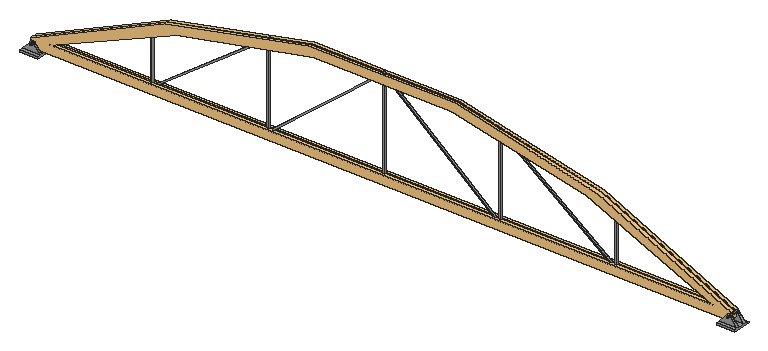
Revit family "STC_A3-Wood-Bowstring-Truss-inst-param", category Structural Framing, Revit 2016
Family settings
  Section Shape = Not Defined
  Material for Model Behavior = Other
  Always export as geometry = No
  Work Plane-Based = No
  Always vertical = Yes
  Cut with Voids When Loaded = No
  Symbolic Representation = From Family
  Shared = No
  Show family pre-cut in plan views = Yes
Parameters (values of type "80' long - 12" x 4" chords")
  BotChordDepth = 304.8 mm
  ChordWidth = 101.6 mm
  Length [instance] = 24384 mm
  PinRadius = 25.4 mm
  SeatPlateRadius = 76.2 mm
  SeatPlateThickness = 50.8 mm
  SeatPlateWidth = 609.6 mm
  SpringPtHeight = 304.8 mm
  TopChordDepth = 304.8 mm
  TopChordRadius = 24384 mm
  WebDim = 50.8 mm
Types (7, lengths in mm): name | BotChordDepth | ChordWidth | Length | PinRadius | SeatPlateThickness | SeatPlateWidth | SpringPtHeight | TopChordDepth | TopChordRadius | WebDim
  (no name) | 304.8 | 101.6 | 24384 | 25.4 | 50.8 | 609.6 | 304.8 | 304.8 | 24384 | 50.8
  30' long - 6" x 2" chords | 152.4 | 50.8 | 9144 | 12.7 | 12.7 | 304.8 | 203.2 | 152.4 | 9144 | 25.4
  50' long - 9" x 3" chords | 228.6 | 76.2 | 15240 | 19.05 | 25.4 | 457.2 | 304.8 | 228.6 | 15240 | 25.4
  80' long - 12" x 4" chords | 304.8 | 101.6 | 24384 | 25.4 | 50.8 | 609.6 | 304.8 | 304.8 | 24384 | 50.8
  100' long - 12" x 43" chords | 304.8 | 101.6 | 30480 | 25.4 | 50.8 | 609.6 | 304.8 | 304.8 | 30480 | 50.8
  20' long - 4" x 1" chords | 101.6 | 25.4 | 6096 | 12.7 | 12.7 | 304.8 | 152.4 | 101.6 | 6096 | 25.4
  15' long - 3" x 1" chords | 76.2 | 25.4 | 4572 | 6.35 | 12.7 | 304.8 | 152.4 | 76.2 | 4572 | 12.7
Reference planes
  plane 1 "Center F/B": y = 0
  plane 2: z = 0
  plane 3 "Center L/R": x = 14.934
  plane 4 "RIght": x = 12206.934
  plane 5 "Left": x = -12177.066
  plane 6: z = 304.8
  plane 7: z = 50.8
  plane 8: x = -12177.066
  plane 9: z = 304.8
Forms (mm)
  Sweep 1, solid, material "Wood"
    path origin (0, 0, 0) x (1, 0, 0) y (0, 0, 1)
      loop
        arc (-12177.066, 304.8) -> (14.934, 3571.637) -> (12206.934, 304.8) r 24384
    profile origin (14.934, 0, 0) x (0, 0, 1) y (0, -1, 0)
      loop
        line (3724.037, -25.4) -> (3419.237, -25.4) -> (3419.237, -127) -> (3724.037, -127) -> (3724.037, -25.4)
      loop
        line (3724.037, 127) -> (3419.237, 127) -> (3419.237, 25.4) -> (3724.037, 25.4) -> (3724.037, 127)
  Sweep 2, solid, material "Steel"
    path origin (0, 0, 0) x (1, 0, 0) y (0, 0, 1)
      loop
        line (14.934, 3571.637) -> (-4049.066, 304.8) -> (-4049.066, 3230.585) -> (-8113.066, 304.8) -> (-8113.066, 2177.092)
    profile origin (0, 0, 1240.946) x (-1, 0, 0) y (0, -1, 0)
      loop
        line (8138.466, -25.4) -> (8138.466, 25.4) -> (8087.666, 25.4) -> (8087.666, -25.4) -> (8138.466, -25.4)
  Sweep 3, solid, material "Steel"
    path origin (0, 0, 0) x (1, 0, 0) y (0, 0, 1)
      loop
        line (14.934, 304.8) -> (14.934, 3571.637) -> (4078.934, 304.8) -> (4078.934, 3230.585) -> (8142.934, 304.8) -> (8142.934, 2177.092)
    profile origin (0, 0, 1938.218) x (-1, 0, 0) y (0, -1, 0)
      loop
        line (10.466, -25.4) -> (10.466, 25.4) -> (-40.334, 25.4) -> (-40.334, -25.4) -> (10.466, -25.4)
  Extrusion 4, solid, material "Steel"
    sketch origin (0, 0, 0) x (1, 0, 0) y (0, 1, 0)
      loop
        line (-12481.866, 304.8) -> (-12481.866, -304.8) -> (-11872.266, -304.8) -> (-11872.266, 304.8) -> (-12481.866, 304.8)
    from 0 to 50.8
  Extrusion 5, solid, material "Steel"
    sketch origin (0, 0, 0) x (1, 0, 0) y (0, 0, 1)
      loop
        circle (-12177.066, 304.8) r 25.4
      loop
        line (-12481.866, 50.8) -> (-11872.266, 50.8) -> (-12104.08, 315.497)
        arc (-12104.08, 315.497) -> (-12177.066, 369.8) -> (-12250.052, 315.497) r 76.2
        line (-12250.052, 315.497) -> (-12481.866, 50.8)
    from 127 to 177.8
  Extrusion 6, solid, material "Steel"
    sketch origin (0, 0, 0) x (1, 0, 0) y (0, 0, 1)
      loop
        line (-12247.945, 320.836) -> (-12481.866, 50.8) -> (-11872.266, 50.8) -> (-12106.187, 320.836)
        arc (-12106.187, 320.836) -> (-12177.066, 369.06) -> (-12247.945, 320.836) r 76.2
      loop
        circle (-12177.066, 304.8) r 25.4
    from -177.8 to -127
  Extrusion 7, solid, material "Steel"
    sketch origin (0, 0, 0) x (1, 0, 0) y (0, 0, 1)
      loop
        circle (-12177.066, 304.8) r 25.4
    from -228.6 to 228.6
  Extrusion 8, solid, material "Steel"
    sketch origin (0, 0, 0) x (1, 0, 0) y (0, 1, 0)
      loop
        line (11902.134, 304.8) -> (11902.134, -304.8) -> (12511.734, -304.8) -> (12511.734, 304.8) -> (11902.134, 304.8)
    from 50.8 to 0
  Extrusion 9, solid, material "Steel"
    sketch origin (0, 0, 0) x (1, 0, 0) y (0, 0, 1)
      loop
        line (11902.134, 50.8) -> (12511.734, 50.8) -> (12277.812, 320.832)
        arc (12277.812, 320.832) -> (12206.934, 369.055) -> (12136.056, 320.832) r 76.2
        line (12136.056, 320.832) -> (11902.134, 50.8)
      loop
        circle (12206.934, 304.8) r 25.4
    from 127 to 177.8
  Extrusion 10, solid, material "Steel"
    sketch origin (0, 0, 0) x (1, 0, 0) y (0, 0, 1)
      loop
        line (11902.134, 50.8) -> (12511.734, 50.8) -> (12274.444, 327.272)
        arc (12274.444, 327.272) -> (12206.934, 368.134) -> (12139.424, 327.272) r 76.2
        line (12139.424, 327.272) -> (11902.134, 50.8)
      loop
        circle (12206.934, 304.8) r 25.4
    from -177.8 to -127
  Extrusion 11, solid, material "Steel"
    sketch origin (0, 0, 0) x (1, 0, 0) y (0, 0, 1)
      loop
        circle (12206.934, 304.8) r 25.4
    from -228.6 to 228.6
  Sweep 12, solid, material "Wood"
    path origin (0, 0, 0) x (1, 0, 0) y (0, 0, 1)
      loop
        line (-12177.066, 304.8) -> (12206.934, 304.8)
    profile origin (14.934, 0, 0) x (0, 0, 1) y (0, -1, 0)
      loop
        line (457.2, 127) -> (152.4, 127) -> (152.4, 25.4) -> (457.2, 25.4) -> (457.2, 127)
      loop
        line (457.2, -127) -> (457.2, -25.4) -> (152.4, -25.4) -> (152.4, -127) -> (457.2, -127)
Cuts and joins
  joined: Sweep 1, Sweep 12
  joined: Sweep 2, Sweep 3
  joined: Extrusion 8, Extrusion 9, Extrusion 10
  joined: Extrusion 4, Extrusion 5, Extrusion 6
Lines and regions (mm)
  symbolic lines, style "Truss Centerlines"
    curve 1: line (-12177.066, 0, 0) -> (12206.934, 0, 0)
    curve 3: line (14.934, 0, 0) -> (14.934, 0, 3571.637)
    curve 4: line (-8113.066, 0, 304.8) -> (-8113.066, 0, 2177.092)
    curve 5: line (-4049.066, 0, 304.8) -> (-4049.066, 0, 3230.585)
    curve 6: line (4078.934, 0, 304.8) -> (4078.934, 0, 3230.585)
    curve 7: line (8142.934, 0, 304.8) -> (8142.934, 0, 2177.092)
    curve 8: line (-8113.066, 0, 304.8) -> (-4049.066, 0, 3230.585)
    curve 9: line (-4049.066, 0, 304.8) -> (14.934, 0, 3571.637)
    curve 10: line (14.934, 0, 3571.637) -> (4078.934, 0, 304.8)
    curve 11: line (4078.934, 0, 3230.585) -> (8142.934, 0, 304.8)
  model lines, style "Truss Chords"
    curve 2: arc (-12177.066, 0, 304.8) -> (14.934, 0, 3571.637) -> (12206.934, 0, 304.8) r 24384
Dimensions and locks
  equal spacing: plane 4 "RIght", plane 3 "Center L/R", plane 5 "Left"
  "Length": plane 4 "RIght" to plane 5 "Left"
  equal spacing: plane 4 "RIght", curve 7, curve 6, curve 3, curve 5, curve 4, plane 5 "Left"
  "ChordWidth": Sweep 1 sketch curve to Sweep 1 sketch curve  (x2)
  "TopChordDepth": Sweep 1 sketch curve to Sweep 1 sketch curve
  equal spacing: Sweep 2 sketch curve, profile plane, Sweep 2 sketch curve
  equal spacing: Sweep 2 sketch curve, curve 1, Sweep 2 sketch curve
  locked: Sweep 2 sketch curve to curve 4
  locked: curve 7 to Sweep 3 sketch curve
  equal spacing: Sweep 1 sketch curve, plane 1 "Center F/B", Sweep 1 sketch curve
  equal spacing: Sweep 1 sketch curve, profile plane, Sweep 1 sketch curve
  "WebDim": Sweep 2 sketch curve to Sweep 2 sketch curve  (x2)
  equal spacing: Sweep 3 sketch curve, profile plane, Sweep 3 sketch curve
  equal spacing: Sweep 3 sketch curve, plane 1 "Center F/B", Sweep 3 sketch curve
  "WebDim": Sweep 3 sketch curve to Sweep 3 sketch curve  (x2)
  "SpringPtHeight": level to plane 6
  "SeatPlateThickness": plane 7 to plane 2
  equal spacing: Extrusion 4 sketch curve, plane 1 "Center F/B", Extrusion 4 sketch curve
  equal spacing: Extrusion 4 sketch curve, plane 5 "Left", Extrusion 4 sketch curve
  "SeatPlateWidth": Extrusion 4 sketch curve to Extrusion 4 sketch curve  (x2)
  equal spacing: Extrusion 5 sketch curve, plane 8, Extrusion 5 sketch curve
  "SeatPlateWidth": Extrusion 5 sketch curve to Extrusion 5 sketch curve
  "SeatPlateThickness": Extrusion 5 to Extrusion 5
  equal spacing: Extrusion 6 sketch curve, plane 5 "Left", Extrusion 6 sketch curve
  "SeatPlateWidth": Extrusion 6 sketch curve to Extrusion 6 sketch curve
  "SeatPlateThickness": Extrusion 6 to Extrusion 6
  locked: Extrusion 7 to Extrusion 6 at 50.8
  locked: Extrusion 7 to Extrusion 5 at 50.8
  equal spacing: Extrusion 8 sketch curve, plane 4 "RIght", Extrusion 8 sketch curve
  "SeatPlateWidth": Extrusion 8 sketch curve to Extrusion 8 sketch curve  (x2)
  "SeatPlateThickness": Extrusion 8 to Extrusion 8
  "SeatPlateThickness": Extrusion 9 to Extrusion 9
  equal spacing: Extrusion 9 sketch curve, plane 4 "RIght", Extrusion 9 sketch curve
  "SeatPlateWidth": Extrusion 9 sketch curve to Extrusion 9 sketch curve
  equal spacing: Extrusion 8 sketch curve, plane 1 "Center F/B", Extrusion 8 sketch curve
  equal spacing: Extrusion 10 sketch curve, plane 4 "RIght", Extrusion 10 sketch curve
  "SeatPlateWidth": Extrusion 10 sketch curve to Extrusion 10 sketch curve
  "SeatPlateThickness": Extrusion 10 to Extrusion 10
  locked: Extrusion 11 to Extrusion 9 at 50.8
  locked: Extrusion 11 to Extrusion 10 at 50.8
  equal spacing: Sweep 12 sketch curve, profile plane, Sweep 12 sketch curve
  "ChordWidth": Sweep 12 sketch curve to Sweep 12 sketch curve  (x2)
  "BotChordDepth": Sweep 12 sketch curve to Sweep 12 sketch curve
  equal spacing: Sweep 12 sketch curve, plane 1 "Center F/B", Sweep 12 sketch curve
  "WebDim": Sweep 12 sketch curve to Sweep 12 sketch curve
  "TopChordRadius": radius of curve 2
  "TopChordRadius": radius of Sweep 1 sketch curve
  "PinRadius": radius of Extrusion 5 sketch curve
  "SeatPlateRadius": radius of Extrusion 5 sketch curve
  "SeatPlateRadius": radius of Extrusion 6 sketch curve
  "PinRadius": radius of Extrusion 6 sketch curve
  "PinRadius": radius of Extrusion 7 sketch curve
  "SeatPlateRadius": radius of Extrusion 9 sketch curve
  "PinRadius": radius of Extrusion 9 sketch curve
  "SeatPlateRadius": radius of Extrusion 10 sketch curve
  "PinRadius": radius of Extrusion 10 sketch curve
  "PinRadius": radius of Extrusion 11 sketch curve
  aligned and locked: plane 5 "Left" to curve 1
  aligned and locked: plane 4 "RIght" to curve 1
  aligned and locked: curve 1 to plane 2
  aligned and locked: plane 5 "Left" to curve 2
  aligned and locked: plane 4 "RIght" to curve 2
  aligned and locked: curve 4 to plane 6
  aligned and locked: plane 6 to curve 5
  aligned and locked: plane 6 to curve 6
  aligned and locked: plane 6 to curve 7
  aligned and locked: Sweep 1 sketch curve to plane 6
  aligned and locked: Sweep 1 sketch curve to Sweep 1 sketch curve  (x2)
  aligned and locked: Sweep 2 sketch curve to curve 4
  aligned and locked: Sweep 2 sketch curve to curve 5
  aligned and locked: Sweep 2 sketch curve to curve 9
  aligned and locked: curve 3 to Sweep 3 sketch curve
  aligned and locked: Sweep 3 sketch curve to curve 10
  aligned and locked: curve 6 to Sweep 3 sketch curve
  aligned and locked: Sweep 3 sketch curve to curve 11
  aligned and locked: Sweep 3 sketch curve to curve 7
  aligned and locked: Sweep 1 sketch curve to Sweep 3
  aligned and locked: plane 6 to Sweep 3 sketch curve
  aligned and locked: plane 7 to Extrusion 4
  aligned and locked: plane 8 to plane 5 "Left"
  aligned and locked: Extrusion 5 sketch curve to Extrusion 4
  aligned and locked: Extrusion 8 to level
  aligned and locked: Extrusion 9 sketch curve to Extrusion 8
  aligned and locked: Extrusion 10 sketch curve to Extrusion 8
  aligned and locked: Sweep 12 sketch curve to plane 6
  aligned and locked: Sweep 12 sketch curve to Sweep 12 sketch curve  (x2)
  aligned and locked: Extrusion 6 to Sweep 12
  aligned and locked: Extrusion 10 to Extrusion 6
  aligned and locked: Extrusion 9 to Sweep 12
  aligned and locked: Extrusion 5 to Extrusion 9
  aligned and locked: Sweep 2 sketch curve to curve 8
Automatic sketch dimensions
  curve 2 to plane 3 "Center L/R" = 0 mm
  curve 2 to plane 6 = 0 mm
  Sweep 1 sketch curve to plane 5 "Left" = 0 mm
  Sweep 1 sketch curve to plane 3 "Center L/R" = 0 mm
  Sweep 1 sketch curve to plane 4 "RIght" = 0 mm
  Extrusion 5 sketch curve to plane 6 = 0 mm
  Extrusion 5 sketch curve to plane 5 "Left" = 0 mm  (x2)
  Extrusion 5 sketch curve to plane 6 = 10.697 mm  (x2)
  Extrusion 5 sketch curve to Extrusion 5 sketch curve = 11.2 mm
  Extrusion 6 sketch curve to plane 6 = 0 mm
  Extrusion 6 sketch curve to plane 5 "Left" = 0 mm  (x2)
  Extrusion 6 sketch curve to plane 6 = 16.036 mm  (x2)
  Extrusion 6 sketch curve to plane 7 = 0 mm
  Extrusion 6 sketch curve to Extrusion 6 sketch curve = 11.94 mm
  Extrusion 7 sketch curve to plane 6 = 0 mm
  Extrusion 7 sketch curve to plane 5 "Left" = 0 mm
  Extrusion 9 sketch curve to plane 6 = 0 mm
  Extrusion 9 sketch curve to plane 4 "RIght" = 0 mm  (x2)
  Extrusion 9 sketch curve to plane 6 = 16.032 mm  (x2)
  Extrusion 9 sketch curve to Extrusion 9 sketch curve = 11.945 mm
  Extrusion 10 sketch curve to plane 6 = 0 mm
  Extrusion 10 sketch curve to plane 4 "RIght" = 0 mm  (x2)
  Extrusion 10 sketch curve to plane 6 = 22.472 mm  (x2)
  Extrusion 10 sketch curve to Extrusion 10 sketch curve = 12.866 mm
  Extrusion 11 sketch curve to plane 6 = 0 mm
  Extrusion 11 sketch curve to plane 4 "RIght" = 0 mm
  Sweep 12 sketch curve to plane 5 "Left" = 0 mm
  Sweep 12 sketch curve to plane 4 "RIght" = 0 mm
  Sweep 2 sketch curve to plane 3 "Center L/R" = 0 mm
